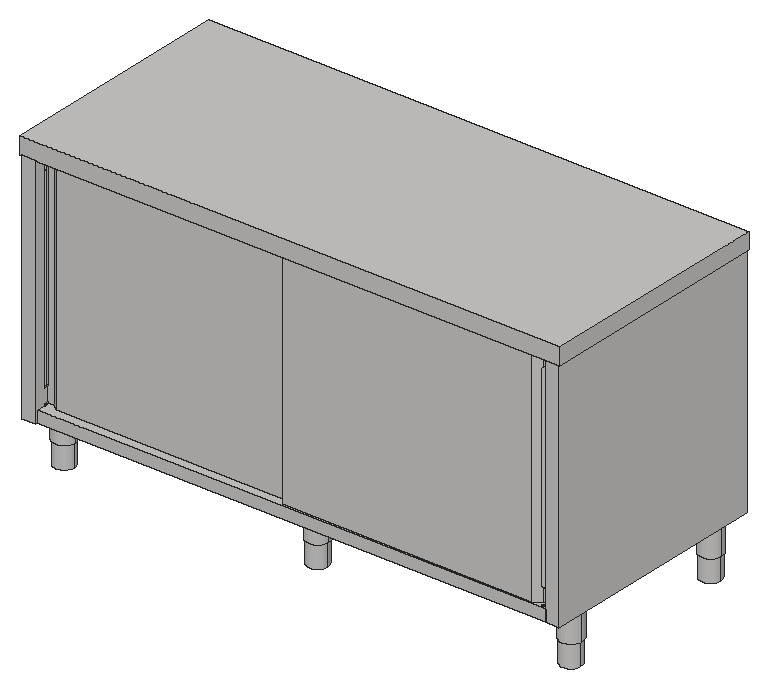
Revit family "QF_ZANUSSI_132869_MSP1607N", category Attrezzature speciali, Revit 2020
Family settings
  Quota connettore circolare = Usa diametro
  Tipo di parte = Normale
  Basato su piano di lavoro = No
  Sempre verticale = Sì
  Taglio con vuoti quando caricato = No
  Condiviso = No
  Punto di calcolo locali = No
Parameters (values of type "Standard")
  Weight = 65.00 kg
  Watts = 0 W
  Volts = 0 V
  URL Manufacturer = "http://www.zanussiprofessional.com"
  URL = "http://www.zanussiprofessional.com"
  Steam Supply Size = 0 mm
  Steam Supply Minimum Pressure = 0.0 Pa
  Steam Supply Maximum Pressure = 0.0 Pa
  Steam Consumption per Hour = 0
  Refrigeration Suction Line Size = 0.0 mm
  Refrigeration Liquid Line Size = 0.0 mm
  Refrigerant Compressor Remote = yes
  Prospetto di default = 0.0 mm
  Phase = 0
  Modello = "MSP1607N"
  Produttore = "Zanussi"
  Length Actual = 1600.0 mm  # constant formula
  Item Number = "132869"
  Hot Water Size = 0 mm
  Height Actual = 900.0 mm  # constant formula
  HP = "0 HP"
  Gas Size = 0 mm
  Gas KW = 0
  Gas Input Pressure = 0 W
  Direct Waste Size = 0 mm
  Descrizione = "WORKTOP CUPBOARD PASSTHROUGH 1600MM"
  Depth Actual = 700.0 mm  # constant formula
  Cycle = 0 Hz
  Condensate Return Size = 0 mm
  Compressed Air Volume = 0.0 L/s
  Compressed Air Size = 0 mm
  Compressed Air Pressure = 0.0 Pa
  Cold Water Size = 0 mm
  Accessory = yes
Reference planes
  plane 1 "Center (Front/Back)": y = 0
  plane 2: z = 0
  plane 3 "Center (Left/Right)": x = -300
  plane 4 "LEFT": x = -1100
  plane 5 "RIGHT": x = 500
  plane 6 "BACK": y = 350
  plane 7 "FRONT": y = -350
  plane 8 "TOP": z = 900
  plane 9: x = -1052
  plane 10: x = 452
  plane 11: y = 270
  plane 12: y = -247
  plane 13 "FEET": z = 150
  plane 14: x = -1054.5
  plane 15: y = -344.5
  plane 16: x = 454.5
  plane 17: x = -326.5
  plane 18: x = -273.5
  plane 19 "BaseTop": z = 850
  plane 20: x = -1094.5
  plane 21: x = 494.5
  plane 22: y = 344.5
Forms (mm)
  Extrusion 1, solid, material "QF_Finishes_Stainless Steel"
    sketch origin (0, 0, 150) x (-1, 0, 0) y (0, -1, 0)
      loop
        line (1094.5, -350) -> (1094.5, 350) -> (1054.5, 350) -> (1054.5, -350) -> (1094.5, -350)
      loop
        line (-454.5, -350) -> (-454.5, 344.5) -> (-494.5, 344.5) -> (-494.5, -350) -> (-454.5, -350)
    from 0 to 700
  Extrusion 2, solid, material "QF_Finishes_Stainless Steel"
    sketch origin (0, 0, 150) x (-1, 0, 0) y (0, -1, 0)
      loop
        line (1054.5, -347) -> (1054.5, 344.5) -> (-454.5, 344.5) -> (-454.5, -347) -> (1054.5, -347)
    from 0 to 35
  Extrusion 3, solid, material "QF_Finishes_Stainless Steel"
    sketch origin (33, 0, 150) x (-1, 0, 0) y (0, -1, 0)
      loop
        line (306.5, 324.5) -> (306.5, 304.5) -> (1085, 304.5) -> (1085, 319.071) -> (1077.942, 326.129) -> (1076.312, 324.5) -> (1083, 317.812) -> (1083, 309.5) -> (1066.034, 309.5) -> (1046.034, 324.5) -> (306.5, 324.5)
    from 700 to 40
  Extrusion 4, void
    sketch origin (0, -350, 0) x (-1, 0, 0) y (0, 0, 1)
      loop
        line (1042.418, 247.973) -> (1042.418, 191.4) -> (1054.5, 191.4) -> (1054.5, 229.369) -> (1042.418, 247.973)
      loop
        line (1042.418, 816.627) -> (1054.5, 835.231) -> (1054.5, 850) -> (1042.418, 850) -> (1042.418, 816.627)
    from 20.5 to 40.5
  Extrusion 5, solid, material "QF_Finishes_Stainless Steel"
    sketch origin (0, 0, 150) x (-1, 0, 0) y (0, -1, 0)
      loop
        line (-454.5, -350) -> (1054.5, -350) -> (1054.5, -327) -> (-454.5, -327) -> (-454.5, -350)
    from 700 to 35
  Extrusion 6, solid, material "QF_Finishes_Stainless Steel"
    sketch origin (0, 0, 850) x (-1, 0, 0) y (0, -1, 0)
      loop
        line (1100, 350) -> (-500, 350) -> (-500, -350) -> (1100, -350) -> (1100, 350)
    from 0 to 50
  Extrusion 7, solid, material "QF_Finishes_Stainless Steel"
    sketch origin (-633, 0, 150) x (1, 0, 0) y (0, 1, 0)
      loop
        line (306.5, -344.5) -> (1046.034, -344.5) -> (1066.034, -329.5) -> (1083, -329.5) -> (1083, -337.812) -> (1076.312, -344.5) -> (1077.942, -346.129) -> (1085, -339.071) -> (1085, -324.5) -> (306.5, -324.5) -> (306.5, -344.5)
    from 700 to 40
  Extrusion 8, void
    sketch origin (-600, -350, 0) x (1, 0, 0) y (0, 0, -1)
      loop
        line (1042.418, -247.973) -> (1054.5, -229.369) -> (1054.5, -191.4) -> (1042.418, -191.4) -> (1042.418, -247.973)
      loop
        line (1042.418, -816.627) -> (1042.418, -850) -> (1054.5, -850) -> (1054.5, -835.231) -> (1042.418, -816.627)
    from 2.538 to 20.5
Cuts and joins
  Extrusion 4, Extrusion 8 cuts Extrusion 3
  Extrusion 8 cuts Extrusion 1
  Extrusion 8 cuts Extrusion 7
Lines and regions (mm)
  symbolic lines, style "SpecialityEquipmentHiddenLines"
    curve 1: line (-1051.5, -324.5, 1600) -> (-1051.5, -329.5, 1600)
    curve 6: line (-326.5, -324.5, 200) -> (-326.5, -344.5, 200)
    curve 7: line (-1052, -304.5, 850) -> (-273.5, -304.5, 850)
    curve 8: line (-273.5, -304.5, 850) -> (-273.5, -324.5, 850)
    curve 9: line (-273.5, -324.5, 850) -> (-1013.034, -324.5, 850)
    curve 10: line (-1013.034, -324.5, 850) -> (-1033.034, -309.5, 850)
    curve 11: line (-1033.034, -309.5, 850) -> (-1052, -309.5, 850)
    curve 12: line (-1052, -309.5, 850) -> (-1052, -304.5, 850)
    curve 13: line (-326.5, -344.5, 850) -> (413.034, -344.5, 850)
    curve 14: line (413.034, -344.5, 850) -> (433.034, -329.5, 850)
    curve 15: line (433.034, -329.5, 850) -> (452, -329.5, 850)
    curve 16: line (452, -329.5, 850) -> (452, -324.5, 850)
    curve 17: line (452, -324.5, 850) -> (-273.5, -324.5, 850)
  symbolic lines, style "SpecialityEquipment"
    curve 2: line (-1100, 350, 850) -> (500, 350, 850)
    curve 3: line (-1100, -350, 850) -> (-1100, 350, 850)
    curve 4: line (500, -350, 850) -> (-1100, -350, 850)
    curve 5: line (500, 350, 850) -> (500, -350, 850)
Dimensions and locks
  plane 4 "LEFT" to plane 5 "RIGHT" = 1600.0 mm
  equal spacing: plane 4 "LEFT", plane 3 "Center (Left/Right)", plane 5 "RIGHT"
  plane 6 "BACK" to plane 7 "FRONT" = 700.0 mm
  equal spacing: plane 6 "BACK", plane 1 "Center (Front/Back)", plane 7 "FRONT"
  locked: plane 13 "FEET" to level at 150
  locked: plane 4 "LEFT" to plane 9 at 48
  locked: plane 10 to plane 5 "RIGHT" at 48
  locked: plane 6 "BACK" to plane 11 at 80
  locked: plane 12 to plane 7 "FRONT" at 103
  locked: plane 8 "TOP" to level at 900
  locked: plane 17 to plane 18 at 53
  equal spacing: plane 17, plane 3 "Center (Left/Right)", plane 18
  locked: plane 8 "TOP" to plane 19 "BaseTop" at 50
  plane 4 "LEFT" to plane 20 = 5.5 mm
  locked: plane 20 to plane 14 at 40
  locked: plane 16 to plane 21 at 40
  locked: plane 21 to plane 5 "RIGHT" at 5.5
  plane 15 to plane 7 "FRONT" = 5.5 mm  (x2)
  plane 6 "BACK" to plane 22 = 5.5 mm
  aligned and locked: level to plane 2
  aligned and locked: plane 9 to nested 1
  aligned and locked: plane 10 to nested 2
  aligned and locked: nested 4 to plane 11
  aligned and locked: plane 9 to nested 3
  aligned and locked: nested 3 to plane 11
  aligned and locked: plane 6 "BACK" to Extrusion 1 sketch curve
  aligned and locked: Extrusion 1 sketch curve to plane 6 "BACK"
  aligned and locked: Extrusion 1 sketch curve to plane 7 "FRONT"
  aligned and locked: plane 14 to Extrusion 1
  aligned and locked: Extrusion 2 to plane 14
  aligned and locked: Extrusion 2 to plane 15
  aligned and locked: nested 1 to plane 12
  aligned and locked: nested 2 to plane 12
  aligned and locked: Extrusion 2 sketch curve to plane 16
  aligned and locked: plane 18 to Extrusion 3
  aligned and locked: nested 4 to nested 2
  aligned and locked: plane 16 to Extrusion 5
  aligned and locked: Extrusion 5 to plane 14
  aligned and locked: plane 19 "BaseTop" to Extrusion 3
  aligned and locked: plane 19 "BaseTop" to Extrusion 5
  aligned and locked: plane 19 "BaseTop" to cut or joined group of Extrusion 1, Extrusion 8
  aligned and locked: plane 19 "BaseTop" to cut or joined group of Extrusion 7, Extrusion 8
  aligned and locked: nested 6 to nested 5
Automatic sketch dimensions
  Extrusion 6 sketch curve to plane 5 "RIGHT" = 0.0 mm
  Extrusion 6 sketch curve to plane 4 "LEFT" = 0.0 mm
  Extrusion 6 sketch curve to plane 6 "BACK" = 0.0 mm
  Extrusion 6 sketch curve to plane 7 "FRONT" = 0.0 mm
  Extrusion 1 sketch curve to plane 15 = 0.0 mm
  Extrusion 1 sketch curve to plane 21 = 0.0 mm
  Extrusion 1 sketch curve to plane 16 = 0.0 mm
  Extrusion 1 sketch curve to plane 14 = 0.0 mm
  Extrusion 1 sketch curve to plane 20 = 0.0 mm
  Extrusion 2 sketch curve to plane 14 = 0.0 mm
  Extrusion 2 sketch curve to plane 15 = 0.0 mm
  plane 22 to Extrusion 2 sketch curve = 2.5 mm
  Extrusion 3 sketch curve to plane 18 = 0.0 mm
  Extrusion 3 sketch curve to plane 9 = 0.0 mm
  plane 9 to Extrusion 3 sketch curve = 38.966 mm
  plane 9 to Extrusion 3 sketch curve = 18.966 mm
  plane 9 to Extrusion 3 sketch curve = 8.688 mm
  Extrusion 3 sketch curve to Extrusion 3 sketch curve = 1.629 mm
  plane 9 to Extrusion 3 sketch curve = 2.0 mm
  plane 15 to Extrusion 3 sketch curve = 40.0 mm
  Extrusion 3 sketch curve to Extrusion 3 sketch curve = 5.0 mm
  Extrusion 3 sketch curve to Extrusion 3 sketch curve = 8.312 mm
  Extrusion 3 sketch curve to Extrusion 3 sketch curve = 1.259 mm
  plane 15 to Extrusion 3 sketch curve = 20.0 mm
  Extrusion 4 sketch curve to plane 19 "BaseTop" = 0.0 mm
  Extrusion 4 sketch curve to plane 14 = 0.0 mm  (x2)
  plane 9 to Extrusion 4 sketch curve = 9.582 mm  (x2)
  Extrusion 4 sketch curve to Extrusion 4 sketch curve = 14.769 mm
  Extrusion 4 sketch curve to Extrusion 4 sketch curve = 18.604 mm  (x2)
  plane 13 "FEET" to Extrusion 4 sketch curve = 97.973 mm
  Extrusion 4 sketch curve to Extrusion 4 sketch curve = 37.969 mm
  plane 9 to curve 1 = 0.5 mm
  plane 15 to curve 1 = 20.0 mm
  curve 1 to curve 1 = 5.0 mm
  curve 6 to plane 15 = 0.0 mm
  curve 6 to plane 17 = 0.0 mm
  plane 15 to curve 6 = 20.0 mm
  Extrusion 5 sketch curve to plane 6 "BACK" = 0.0 mm
  Extrusion 5 sketch curve to plane 16 = 0.0 mm
  Extrusion 5 sketch curve to plane 14 = 0.0 mm
  plane 22 to Extrusion 5 sketch curve = 17.5 mm
  curve 2 to plane 5 "RIGHT" = 0.0 mm
  curve 16 to plane 10 = 0.0 mm
  curve 14 to plane 15 = 0.0 mm
  curve 9 to plane 18 = 0.0 mm
  curve 13 to plane 17 = 0.0 mm
  curve 12 to plane 9 = 0.0 mm
  curve 3 to plane 4 "LEFT" = 0.0 mm
  curve 2 to plane 6 "BACK" = 0.0 mm
  curve 4 to plane 7 "FRONT" = 0.0 mm
  curve 15 to plane 10 = 18.966 mm
  curve 14 to curve 14 = 20.0 mm
  plane 9 to curve 9 = 38.966 mm
  curve 10 to curve 11 = 18.966 mm
  plane 15 to curve 8 = 40.0 mm
  curve 7 to curve 12 = 5.0 mm
  curve 7 to curve 9 = 20.0 mm
  curve 16 to curve 15 = 5.0 mm
  Extrusion 7 sketch curve to plane 17 = 0.0 mm
  Extrusion 7 sketch curve to plane 15 = 0.0 mm  (x2)
  Extrusion 7 sketch curve to plane 10 = 0.0 mm
  plane 10 to Extrusion 7 sketch curve = 38.966 mm
  plane 10 to Extrusion 7 sketch curve = 18.966 mm
  plane 10 to Extrusion 7 sketch curve = 8.688 mm
  plane 15 to Extrusion 7 sketch curve = 1.629 mm
  Extrusion 7 sketch curve to Extrusion 7 sketch curve = 1.629 mm
  plane 10 to Extrusion 7 sketch curve = 2.0 mm
  Extrusion 7 sketch curve to plane 15 = 15.0 mm
  Extrusion 7 sketch curve to Extrusion 7 sketch curve = 5.0 mm
  Extrusion 8 sketch curve to plane 19 "BaseTop" = 0.0 mm
  Extrusion 8 sketch curve to plane 16 = 0.0 mm  (x2)
  plane 10 to Extrusion 8 sketch curve = 9.582 mm  (x2)
  plane 19 "BaseTop" to Extrusion 8 sketch curve = 14.769 mm
  Extrusion 8 sketch curve to Extrusion 8 sketch curve = 18.604 mm  (x2)
  Extrusion 8 sketch curve to plane 13 "FEET" = 97.973 mm
  Extrusion 8 sketch curve to Extrusion 8 sketch curve = 37.969 mm
Nested families
  nested 1: "FEET_D60-150" at (-1052, -247, 0), type "FEET_D60-150"
  nested 2: "FEET_D60-150" at (452, -247, 0), type "FEET_D60-150"
  nested 3: "FEET_D60-150" at (-1052, 270, 0), type "FEET_D60-150"
  nested 4: "FEET_D60-150" at (452, 270, 0), type "FEET_D60-150"
  nested 5: "FEET_D60-150" at (-300, -247, 0), type "FEET_D60-150"
  nested 6: "FEET_D60-150" at (-300, 270, 0), type "FEET_D60-150"
Definition of nested family "FEET_D60-150"
  Parameters
    Default Elevation = 0.0 mm
    FEET = 150.0 mm
  Reference planes
    plane 1 "Center (Front/Back)": y = 0
    plane 2: z = 0
    plane 3 "Center (Left/Right)": x = 0
    plane 4: z = 150
  Forms (mm)
    Extrusion 1, solid
      sketch origin (0, 0, 0) x (1, 0, 0) y (0, 1, 0)
        loop
          circle (0, 0) r 28
      from 0 to 67
    Revolve 2, solid
      sketch origin (0, 0, 0) x (1, 0, 0) y (0, 0, 1)
        loop
          line (0, 0) -> (0, 150) -> (-32.939, 150) -> (-32.939, 67) -> (-30, 67) -> (-30, 0) -> (0, 0)
        axis (0, 150) -> (0, 0)
      angle from 0 to 360
  Lines and regions (mm)
    symbolic lines
      curve 1: line (0, -1.503, 0) -> (0, 1.508, 0)
      curve 2: line (1.561, 0, 0) -> (-1.439, 0, 0)
  Dimensions and locks
    "FEET": plane 4 to plane 2
    aligned and locked: level to plane 2
  Automatic sketch dimensions
    plane 1 "Center (Front/Back)" to Extrusion 1 sketch curve = 0.0 mm
    Extrusion 1 sketch curve to plane 3 "Center (Left/Right)" = 0.0 mm
    plane 1 "Center (Front/Back)" to curve 2 = 0.0 mm
    curve 1 to plane 3 "Center (Left/Right)" = 0.0 mm
    curve 2 to plane 3 "Center (Left/Right)" = 1.439 mm
    plane 3 "Center (Left/Right)" to curve 2 = 1.561 mm
    plane 1 "Center (Front/Back)" to curve 1 = 1.503 mm
    curve 1 to plane 1 "Center (Front/Back)" = 1.508 mm
    Revolve 2 sketch curve to plane 4 = 0.0 mm
    Revolve 2 sketch curve to level = 0.0 mm
    Revolve 2 sketch curve to plane 3 "Center (Left/Right)" = 0.0 mm  (x2)
    Revolve 2 sketch curve to plane 3 "Center (Left/Right)" = 30.0 mm
    Revolve 2 sketch curve to plane 3 "Center (Left/Right)" = 32.939 mm
    level to Revolve 2 sketch curve = 67.0 mm
    Revolve 2 sketch curve to level = 42.207 mm
    Revolve 2 sketch curve to Revolve 2 sketch curve = 10.0 mm
    radius of Extrusion 1 sketch curve = 28.0 mm
